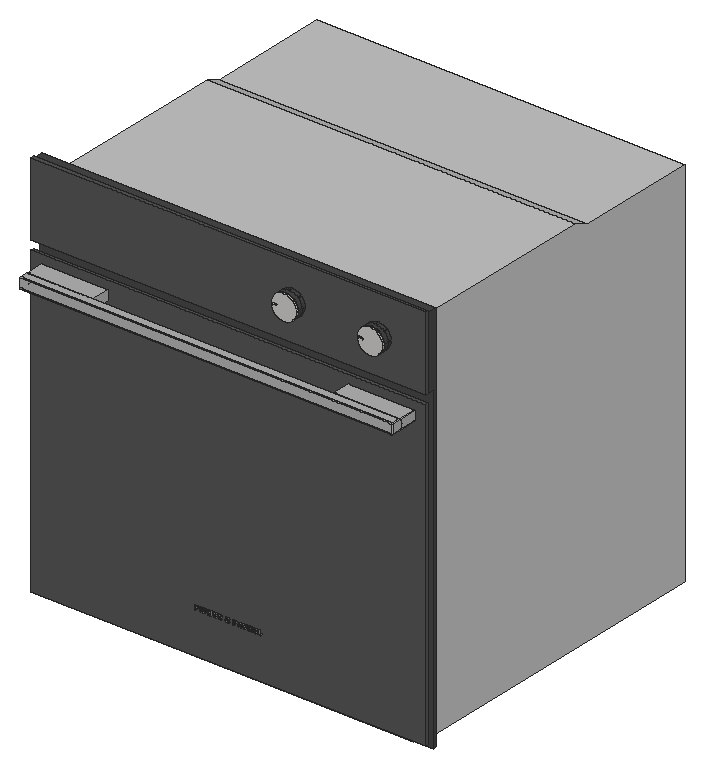
Revit family "FP_Revit_18_OB60SC5LB1_Oven_90001192A", category Specialty Equipment, Revit 2018
Family settings
  Round Connector Dimension = Use Diameter
  Part Type = Normal
  OmniClass Number = 23.40.40.14.17.11
  OmniClass Title = Cookers, Ovens, Stoves
  Work Plane-Based = No
  Always vertical = Yes
  Cut with Voids When Loaded = Yes
  Shared = No
  Room Calculation Point = No
Parameters (values of type "OB60SC5LB1")
  Visibility - Clearance Required = yes
  URL = "www.fisherpaykel.com"
  Product - Width = 596 mm  # constant formula
  Product - Height = 598 mm  # constant formula
  Product - Depth = 608 mm  # constant formula
  Model = "OB60SC5LB1"
  Material - Structure = Fisher & Paykel - Black
  Material - Handle = Fisher & Paykel - Aluminium
  Material - Glass = Fisher & Paykel - Glass, Black
  Material - Buttons and Dials = Fisher & Paykel - Stainless Steel
  Material - Body = Fisher & Paykel - Grey
  Manufacturer = "Fisher & Paykel Appliances"
  FFL Offset [instance] = 260 mm
  Description = "60cm Built-In Oven"
  Connector Description - Electrical = "230 V, 13.3 A"
  Chassis - Width = 556 mm  # constant formula
  Chassis - Height = 575 mm  # constant formula
  Chassis - Depth = 545 mm  # constant formula
  Cavity - Width = 600 mm  # constant formula
  Cavity - Height = 600 mm  # constant formula
  Cavity - Depth = 550 mm  # constant formula
Reference planes
  plane 1 "Datum": y = 0
  plane 2: z = 0
  plane 3 "Center (Left/Right)": x = 0
  plane 4 "Product Height": z = 858
  plane 5 "Product LHS": x = -298
  plane 6 "Product RHS": x = 298
  plane 7 "Cavity LHS": x = -300
  plane 8 "Cavity RHS": x = 300
  plane 9 "Cavity - Depth": y = 550
  plane 10 "Product Depth": y = 545
  plane 11 "Door - Front": y = -20
  plane 12 "Product - Front": y = -63
  plane 13 "FFL Offset": z = 260
  plane 14 "Cavity - Height": z = 860
  plane 15 "Cavity": z = 840
Forms (mm)
  Extrusion 1, solid, material "Fisher & Paykel - Grey" <- "Material - Body"
    sketch origin (0, 0, 0) x (0, 1, 0) y (0, 0, 1)
      loop
        line (0, 260) -> (525, 260) -> (525, 458) -> (545, 478) -> (545, 672) -> (495, 722) -> (495, 824.6) -> (311.747, 824.6) -> (289.247, 835) -> (0, 835) -> (0, 260)
    from -278 to 278
  Extrusion 2, void
    sketch origin (0, 0, 0) x (1, 0, 0) y (0, 1, 0)
      loop
        line (-278, 495) -> (-235, 495) -> (-185, 545) -> (-278, 545) -> (-278, 495)
      loop
        line (278, 495) -> (278, 545) -> (62.65, 545) -> (82.65, 525) -> (205, 525) -> (235, 495) -> (278, 495)
    from 260 to 835
  Extrusion 3, solid, material "Fisher & Paykel - Black" <- "Material - Structure"
    sketch origin (0, 0, 0) x (0, 1, 0) y (0, 0, 1)
      loop
        line (-16, 855) -> (-16, 746) -> (-4.1, 746) -> (-4.1, 260) -> (0, 260) -> (0, 855) -> (-16, 855)
    from -298 to 298
  Extrusion 4, solid, material "Fisher & Paykel - Black" <- "Material - Structure"
    sketch origin (0, 0, 0) x (0, 1, 0) y (0, 0, 1)
      loop
        line (-16, 722.6) -> (-16, 267) -> (-4.1, 267) -> (-4.1, 722.6) -> (-16, 722.6)
    from -277 to 277
  Extrusion 5, solid, material "Fisher & Paykel - Clearance Required", visible <- "Visibility - Clearance Required", detail levels coarse
    sketch origin (0, 0, 0) x (0, 1, 0) y (0, 0, 1)
      loop
        line (-20, 287.356) -> (-20, 260) -> (0, 260) -> (0, 860) -> (-20, 860) -> (-20, 732.8)
        arc (-20, 732.8) -> (-324.134, 611.374) -> (-467.592, 316.991) r 454.272
        line (-467.592, 316.991) -> (-454.903, 316.151) -> (-457.629, 274.989) -> (-445.183, 274.164) -> (-442.458, 315.327) -> (-20, 287.356)
    from -300 to 300
  Extrusion 6, solid, material "Fisher & Paykel - Clearance Required", visible <- "Visibility - Clearance Required", detail levels coarse
    sketch origin (0, 0, 0) x (1, 0, 0) y (0, 1, 0)
      loop
        line (-280, 0) -> (280, 0) -> (280, 550) -> (-280, 550) -> (-280, 0)
    from 260 to 840
  Extrusion 7, solid, material "Fisher & Paykel - Glass, Black" <- "Material - Glass"
    sketch origin (0, 0, 0) x (0, 1, 0) y (0, 0, 1)
      loop
        line (-16, 858) -> (-20, 858) -> (-20, 746) -> (-16, 746) -> (-16, 858)
      loop
        line (-20, 732.8) -> (-20, 269.8) -> (-16, 269.8) -> (-16, 732.8) -> (-20, 732.8)
    from -298 to 298
  Extrusion 8, solid, material "Fisher & Paykel - Grey" <- "Material - Body", detail levels medium+fine
    sketch origin (0, -20, 0) x (0, 0, 1) y (1, 0, 0)
      loop
        line (795.1, -225.85) -> (795.1, -133.15) -> (737.1, -133.15) -> (737.1, -225.85) -> (795.1, -225.85)
    from 515 to 535
  Extrusion 9, solid, material "Fisher & Paykel - Grey" <- "Material - Body", detail levels fine
    sketch origin (0, 0, 0) x (0, 1, 0) y (0, 0, 1)
      loop
        circle (505, 766.1) r 4
    from -225.85 to -245
  Extrusion 10, void
    sketch origin (0, 0, 0) x (0, 1, 0) y (0, 0, 1)
      loop
        line (-20, 860) -> (-20, 260) -> (0, 260) -> (0, 860) -> (-20, 860)
    from -300 to 300
  Extrusion 11, void
    sketch origin (0, 0, 0) x (1, 0, 0) y (0, 1, 0)
      loop
        line (-280, 0) -> (280, 0) -> (280, 550) -> (-280, 550) -> (-280, 0)
    from 260 to 840
Cuts and joins
  Extrusion 2 cuts Extrusion 1
Lines and regions (mm)
  model lines, style "Fisher & Paykel"
    curve 1: line (-268, -20, 790) -> (-218, -20, 790)
    curve 2: line (-268, -20, 811) -> (-268, -20, 790)
    curve 3: line (-218, -20, 811) -> (-268, -20, 811)
    curve 4: line (-218, -20, 790) -> (-218, -20, 811)
    curve 5: line (217.5, -20, 394.2) -> (-217.5, -20, 394.2)
    curve 6: line (217.5, -20, 677.436) -> (217.5, -20, 394.2)
    curve 7: line (-217.5, -20, 677.436) -> (217.5, -20, 677.436)
    curve 8: line (-217.5, -20, 394.2) -> (-217.5, -20, 677.436)
Text (mm)
  text "Due to ongoing product development, product details are subject to change without notice. \nPlease always refer to www.fisherpaykel.com for the most current product information. \n© Fisher & Paykel 2020" at (41.04, -568.295, 0), in view "Ref. Level (Plan)"
Dimensions and locks
  equal spacing: plane 5 "Product LHS", plane 3 "Center (Left/Right)", plane 6 "Product RHS"
  "Product - Width": plane 5 "Product LHS" to plane 6 "Product RHS"
  equal spacing: plane 7 "Cavity LHS", plane 3 "Center (Left/Right)", plane 8 "Cavity RHS"
  "Cavity - Width": plane 7 "Cavity LHS" to plane 8 "Cavity RHS"
  "Cavity - Depth": plane 9 "Cavity - Depth" to plane 1 "Datum"
  "Chassis - Depth": plane 10 "Product Depth" to plane 1 "Datum"
  locked: plane 11 "Door - Front" to plane 1 "Datum" at 20
  "Chassis - Width": cut or joined group of Extrusion 1, Extrusion 2 to cut or joined group of Extrusion 1, Extrusion 2
  "Product - Depth": plane 10 "Product Depth" to plane 12 "Product - Front"
  cut or joined group of Extrusion 1, Extrusion 2 to Extrusion 8 = 20 mm
  "FFL Offset": plane 13 "FFL Offset" to level
  "Chassis - Height": cut or joined group of Extrusion 1, Extrusion 2 to plane 13 "FFL Offset"
  "Product - Height": plane 4 "Product Height" to plane 13 "FFL Offset"
  "Cavity - Height": plane 14 "Cavity - Height" to plane 13 "FFL Offset"
  locked: plane 15 "Cavity" to plane 13 "FFL Offset" at 580
  locked: Extrusion 4 to plane 13 "FFL Offset" at 7
  locked: Extrusion 7 to plane 13 "FFL Offset" at 9.8
  locked: plane 4 "Product Height" to nested 2 at 137.9
  locked: curve 5 to plane 13 "FFL Offset" at 134.2
  locked: plane 4 "Product Height" to nested 4 at 57.5
  locked: plane 4 "Product Height" to nested 3 at 57.5
  locked: curve 7 to plane 13 "FFL Offset" at 417.436
  locked: curve 1 to plane 13 "FFL Offset" at 530
  locked: curve 3 to plane 13 "FFL Offset" at 551
  locked: nested 1 to plane 13 "FFL Offset" at 73.213
  aligned and locked: level to plane 2
  aligned and locked: plane 7 "Cavity LHS" to Extrusion 5
  aligned and locked: Extrusion 5 to plane 8 "Cavity RHS"
  aligned and locked: Extrusion 7 to plane 6 "Product RHS"
  aligned and locked: plane 5 "Product LHS" to Extrusion 7
  aligned and locked: Extrusion 8 to cut or joined group of Extrusion 1, Extrusion 2
  aligned and locked: Extrusion 10 to plane 8 "Cavity RHS"
  aligned and locked: plane 7 "Cavity LHS" to Extrusion 10
  aligned and locked: Extrusion 2 to plane 13 "FFL Offset"
  aligned and locked: Extrusion 2 to Extrusion 1
  aligned and locked: Extrusion 1 sketch curve to plane 13 "FFL Offset"
  aligned and locked: Extrusion 6 to cut or joined group of Extrusion 1, Extrusion 2
  aligned and locked: plane 15 "Cavity" to Extrusion 6
  aligned and locked: Extrusion 3 to cut or joined group of Extrusion 1, Extrusion 2
  aligned and locked: plane 13 "FFL Offset" to Extrusion 5 sketch curve
  aligned and locked: plane 14 "Cavity - Height" to Extrusion 5 sketch curve
  aligned and locked: Extrusion 11 to cut or joined group of Extrusion 1, Extrusion 2
  aligned and locked: Extrusion 11 to Extrusion 6
  aligned and locked: Extrusion 10 to cut or joined group of Extrusion 1, Extrusion 2
  aligned and locked: Extrusion 10 to Extrusion 5
Automatic sketch dimensions
  Extrusion 2 sketch curve to plane 10 "Product Depth" = 0 mm  (x2)
  Extrusion 2 sketch curve to plane 5 "Product LHS" = 20 mm
  Extrusion 2 sketch curve to Extrusion 2 sketch curve = 43 mm
  Extrusion 2 sketch curve to Extrusion 2 sketch curve = 50 mm
  plane 3 "Center (Left/Right)" to Extrusion 2 sketch curve = 62.65 mm
  Extrusion 2 sketch curve to Extrusion 2 sketch curve = 20 mm
  Extrusion 2 sketch curve to plane 10 "Product Depth" = 20 mm
  plane 6 "Product RHS" to Extrusion 2 sketch curve = 93 mm
  Extrusion 2 sketch curve to Extrusion 2 sketch curve = 30 mm
  plane 6 "Product RHS" to Extrusion 2 sketch curve = 20 mm
  Extrusion 2 sketch curve to plane 10 "Product Depth" = 50 mm  (x2)
  level to Extrusion 3 sketch curve = 260 mm
  Extrusion 3 sketch curve to plane 1 "Datum" = 0 mm
  plane 1 "Datum" to Extrusion 3 sketch curve = 4.1 mm
  plane 11 "Door - Front" to Extrusion 3 sketch curve = 4 mm
  Extrusion 3 sketch curve to plane 4 "Product Height" = 3 mm
  plane 11 "Door - Front" to Extrusion 4 sketch curve = 4 mm
  plane 1 "Datum" to Extrusion 4 sketch curve = 4.1 mm
  level to Extrusion 4 sketch curve = 267 mm
  Extrusion 6 sketch curve to plane 9 "Cavity - Depth" = 0 mm
  plane 1 "Datum" to Extrusion 6 sketch curve = 0 mm
  Extrusion 6 sketch curve to plane 5 "Product LHS" = 18 mm
  plane 6 "Product RHS" to Extrusion 6 sketch curve = 18 mm
  Extrusion 7 sketch curve to plane 11 "Door - Front" = 0 mm  (x2)
  plane 11 "Door - Front" to Extrusion 7 sketch curve = 4 mm  (x2)
  Extrusion 7 sketch curve to plane 4 "Product Height" = 0 mm
  Extrusion 7 sketch curve to Extrusion 7 sketch curve = 13.2 mm
  level to Extrusion 7 sketch curve = 269.8 mm
  Extrusion 8 sketch curve to plane 5 "Product LHS" = 72.15 mm
  Extrusion 8 sketch curve to Extrusion 8 sketch curve = 92.7 mm
  Extrusion 9 sketch curve to plane 10 "Product Depth" = 40 mm
  level to Extrusion 10 sketch curve = 260 mm
  Extrusion 10 sketch curve to plane 11 "Door - Front" = 0 mm
  Extrusion 10 sketch curve to plane 1 "Datum" = 0 mm
  Extrusion 11 sketch curve to plane 9 "Cavity - Depth" = 0 mm
  plane 1 "Datum" to Extrusion 11 sketch curve = 0 mm
  Extrusion 11 sketch curve to plane 5 "Product LHS" = 18 mm
  plane 6 "Product RHS" to Extrusion 11 sketch curve = 18 mm
  Extrusion 3 sketch curve to Extrusion 3 sketch curve = 109 mm
  Extrusion 4 sketch curve to plane 4 "Product Height" = 135.4 mm
  Extrusion 7 sketch curve to Extrusion 7 sketch curve = 125.2 mm
  Extrusion 8 sketch curve to plane 4 "Product Height" = 120.9 mm
  Extrusion 8 sketch curve to Extrusion 8 sketch curve = 58 mm
  Extrusion 9 sketch curve to plane 4 "Product Height" = 91.9 mm
  Extrusion 1 sketch curve to plane 1 "Datum" = 0 mm
  Extrusion 1 sketch curve to plane 10 "Product Depth" = 0 mm
  Extrusion 1 sketch curve to plane 4 "Product Height" = 23 mm
  Extrusion 1 sketch curve to plane 10 "Product Depth" = 255.753 mm
  Extrusion 1 sketch curve to Extrusion 1 sketch curve = 22.5 mm
  Extrusion 1 sketch curve to plane 10 "Product Depth" = 50 mm
  Extrusion 1 sketch curve to plane 10 "Product Depth" = 20 mm
  Extrusion 1 sketch curve to Extrusion 1 sketch curve = 198 mm
  Extrusion 1 sketch curve to Extrusion 1 sketch curve = 20 mm
  Extrusion 1 sketch curve to plane 4 "Product Height" = 186 mm
  Extrusion 1 sketch curve to Extrusion 1 sketch curve = 50 mm
  Extrusion 1 sketch curve to plane 4 "Product Height" = 33.4 mm
  plane 13 "FFL Offset" to Extrusion 10 sketch curve = 600 mm
  Extrusion 5 sketch curve to plane 11 "Door - Front" = 0 mm  (x2)
  Extrusion 5 sketch curve to plane 1 "Datum" = 0 mm
  plane 13 "FFL Offset" to Extrusion 5 sketch curve = 55.327 mm
  Extrusion 5 sketch curve to plane 12 "Product - Front" = 379.458 mm
  plane 13 "FFL Offset" to Extrusion 5 sketch curve = 14.164 mm
  Extrusion 5 sketch curve to Extrusion 5 sketch curve = 2.725 mm
  plane 13 "FFL Offset" to Extrusion 5 sketch curve = 56.151 mm
  Extrusion 5 sketch curve to Extrusion 5 sketch curve = 12.446 mm
  plane 13 "FFL Offset" to Extrusion 5 sketch curve = 56.991 mm
  plane 11 "Door - Front" to Extrusion 5 sketch curve = 5.051 mm
  Extrusion 5 sketch curve to Extrusion 5 sketch curve = 8.8 mm
  plane 6 "Product RHS" to curve 6 = 80.5 mm
  curve 5 to curve 6 = 283.236 mm
  curve 7 to plane 5 "Product LHS" = 80.5 mm
  curve 1 to plane 5 "Product LHS" = 80 mm
  curve 1 to plane 5 "Product LHS" = 30 mm
  radius of Extrusion 9 sketch curve = 4 mm
Nested families
  nested 1: "F&P Logo 100mm" at (0, -20, 333.213), type "Grey"
  nested 2: "F&P Handle Contemporary Square OB60-24" at (0, -20, 712.122), type "Aluminium"
  nested 3: "F&P Dial Oven SC" at (97.062, -20, 800.5), type "F&P Dial Oven SC"
  nested 4: "F&P Dial Oven SC" at (227.124, -20, 800.5), type "F&P Dial Oven SC"
Connectors
  electrical at (-245, 505, 766.1), driven by "Connector Description - Electrical"
    settings: on Extrusion 9, index 1, voltage 230 V, apparent load 0 VA, apparent load phase1 0 VA, apparent load phase2 0 VA, apparent load phase3 0 VA, power factor 1, load classification "Other", number of poles 1, system type 30, power factor state 1, is connector primary yes, connector utility no, sub classification motor no, connector description "230 V, 13.3 A"
Definition of nested family "F&P Logo 100mm"
  Parameters (values of type "Chrome")
    URL = "www.fisherpaykel.com"
    Material - Logo = none
    Manufacturer = "Fisher & Paykel Appliances"
  Types (3): name
    (no name)
    Chrome
    Grey
  Reference planes
    plane 1 "Center (Front/Back)": y = 0
    plane 2: z = 0
    plane 3 "Center (Left/Right)": x = 0
  Forms (mm)
    Extrusion 1, solid, material <- "Material - Logo", detail levels fine
      sketch origin (0, 0, 0) x (1, 0, 0) y (0, 0, 1)
        loop
          line (-50.044, 0) -> (-48.47, 0) -> (-48.47, 2.138) -> (-46.011, 2.138) -> (-46.011, 3.472) -> (-48.47, 3.472) -> (-48.47, 4.712) -> (-45.795, 4.712) -> (-45.795, 6.04) -> (-50.044, 6.04) -> (-50.044, 0)
        loop
          line (-42.804, 6.04) -> (-42.804, 0) -> (-41.23, 0) -> (-41.23, 6.04) -> (-42.804, 6.04)
        loop
          line (-30.724, 6.04) -> (-30.724, 0) -> (-29.151, 0) -> (-29.151, 2.42) -> (-26.839, 2.42) -> (-26.839, 0) -> (-25.265, 0) -> (-25.265, 6.04) -> (-26.839, 6.04) -> (-26.839, 3.748) -> (-29.151, 3.748) -> (-29.151, 6.04) -> (-30.724, 6.04)
        loop
          line (-21.906, 6.04) -> (-21.906, 0) -> (-17.602, 0) -> (-17.602, 1.328) -> (-20.347, 1.328) -> (-20.347, 2.42) -> (-17.838, 2.42) -> (-17.838, 3.748) -> (-20.347, 3.748) -> (-20.347, 4.712) -> (-17.602, 4.712) -> (-17.602, 6.04) -> (-21.906, 6.04)
        loop
          line (45.667, 6.04) -> (45.667, 0) -> (49.956, 0) -> (49.956, 1.328) -> (47.241, 1.328) -> (47.241, 6.04) -> (45.667, 6.04)
        loop
          line (42.431, 6.04) -> (38.112, 6.04) -> (38.112, 0) -> (42.431, 0) -> (42.431, 1.328) -> (39.687, 1.328) -> (39.687, 2.42) -> (42.195, 2.42) -> (42.195, 3.748) -> (39.687, 3.748) -> (39.687, 4.712) -> (42.431, 4.712) -> (42.431, 6.04)
        loop
          line (33.451, 3.148) -> (35.683, 6.04) -> (33.844, 6.04) -> (31.915, 3.542) -> (31.915, 6.04) -> (30.342, 6.04) -> (30.342, 0) -> (31.915, 0) -> (31.915, 2.705) -> (33.903, 0) -> (35.763, 0) -> (33.451, 3.148)
        loop
          line (21.98, 6.04) -> (24.262, 2.42) -> (24.262, 0) -> (25.837, 0) -> (25.837, 2.341) -> (28.119, 6.04) -> (26.446, 6.04) -> (25.099, 3.707) -> (23.753, 6.04) -> (21.98, 6.04)
        loop
          line (18.479, 6.04) -> (16.983, 6.04) -> (14.524, 0) -> (16.069, 0) -> (16.501, 1.112) -> (18.921, 1.112) -> (19.354, 0) -> (20.938, 0) -> (18.479, 6.04)
        loop
          line (18.4, 2.439) -> (17.693, 4.174) -> (17.018, 2.439) -> (18.4, 2.439)
        loop
          line (8.031, 6.04) -> (8.031, 0) -> (9.605, 0) -> (9.605, 1.938) -> (10.599, 1.938)
          arc (10.599, 1.938) -> (12.65, 3.989) -> (10.599, 6.04) r 2.051
          line (10.599, 6.04) -> (8.031, 6.04)
        loop
          line (9.605, 4.712) -> (9.605, 3.197) -> (10.501, 3.197)
          arc (10.501, 3.197) -> (11.259, 3.954) -> (10.501, 4.712) r 0.757
          line (10.501, 4.712) -> (9.605, 4.712)
        loop
          line (-11.783, 6.04) -> (-14.366, 6.04) -> (-14.366, 0) -> (-12.792, 0) -> (-12.792, 1.336) -> (-11.992, 1.336) -> (-10.972, 0) -> (-9.153, 0) -> (-10.694, 1.973)
          arc (-10.694, 1.973) -> (-9.678, 4.424) -> (-11.783, 6.04) r 2.179
        loop
          line (-11.897, 4.712) -> (-12.792, 4.712) -> (-12.792, 3.053) -> (-11.897, 3.053)
          arc (-11.897, 3.053) -> (-11.068, 3.882) -> (-11.897, 4.712) r 0.83
        loop
          line (0.477, 4.712) -> (0.477, 6.153) -> (-3.575, 6.153) -> (-3.575, 4.851) -> (-2.974, 4.112)
          arc (-2.974, 4.112) -> (-3.51, 0.684) -> (-0.045, 0.512) r 2.334
          line (-0.045, 0.512) -> (0.46, -0.109) -> (2.246, -0.109) -> (0.86, 1.594) -> (2.061, 3.324) -> (0.443, 3.324) -> (-0.013, 2.667) -> (-1.677, 4.712) -> (0.477, 4.712)
        loop
          arc (-2.125, 3.068) -> (-2.269, 1.668) -> (-0.868, 1.524) r 0.996
          line (-0.868, 1.524) -> (-2.125, 3.068)
        loop
          line (-35.18, 3.634) -> (-36.516, 3.91)
          arc (-36.516, 3.91) -> (-37.049, 4.443) -> (-36.516, 4.976) r 0.533
          arc (-36.516, 4.976) -> (-35.235, 4.79) -> (-34.059, 4.248) r 4.505
          line (-34.059, 4.248) -> (-34.059, 5.743)
          arc (-34.059, 5.743) -> (-35.549, 6.179) -> (-37.1, 6.109) r 4.726
          arc (-37.1, 6.109) -> (-38.536, 4.335) -> (-37.1, 2.561) r 1.814
          line (-37.1, 2.561) -> (-35.754, 2.282)
          arc (-35.754, 2.282) -> (-35.221, 1.749) -> (-35.754, 1.216) r 0.533
          arc (-35.754, 1.216) -> (-37.035, 1.402) -> (-38.211, 1.945) r 4.505
          line (-38.211, 1.945) -> (-38.211, 0.449)
          arc (-38.211, 0.449) -> (-36.72, 0.013) -> (-35.169, 0.083) r 4.726
          arc (-35.169, 0.083) -> (-33.734, 1.863) -> (-35.18, 3.634) r 1.814
      from 0 to 0.8
  Dimensions and locks
    aligned and locked: level to plane 2
Definition of nested family "F&P Handle Contemporary Square OB60-24"
  Parameters (values of type "Aluminium Dark")
    URL = "www.fisherpaykel.com"
    Material - Handle = none
    Manufacturer = "Fisher & Paykel Appliances"
    Handle - Length = 565 mm
  Types (2): name
    Aluminium
    Aluminium Dark
  Reference planes
    plane 1 "Center (Front/Back)": y = 0
    plane 2: z = 0
    plane 3 "Center (Left/Right)": x = 0
    plane 4 "Product LHS": x = -282.5
    plane 5 "Product RHS": x = 282.5
    plane 6 "LHS Standoff": x = -182.495
    plane 7 "RHS Standoff": x = 182.505
  Forms (mm)
    Extrusion 1, solid, material <- "Material - Handle", detail levels fine
      sketch origin (0, 0, 0) x (0, 1, 0) y (0, 0, 1)
        loop
          arc (-28.701, 7.561) -> (-29.057, 7.868) -> (-29.514, 7.978) r 1
          line (-29.514, 7.978) -> (-40.5, 7.978)
          arc (-40.5, 7.978) -> (-41.561, 7.539) -> (-42, 6.478) r 1.5
          line (-42, 6.478) -> (-42, -6.522)
          arc (-42, -6.522) -> (-41.561, -7.583) -> (-40.5, -8.022) r 1.5
          line (-40.5, -8.022) -> (-29.487, -8.022)
          arc (-29.487, -8.022) -> (-29.029, -7.911) -> (-28.673, -7.602) r 1
          arc (-28.673, -7.602) -> (-26.256, -0.016) -> (-28.701, 7.561) r 13.038
      from -282.5 to 282.5
    Extrusion 2, solid, material <- "Material - Handle", detail levels fine
      sketch origin (0, 0, 0) x (0, 1, 0) y (0, 0, 1)
        loop
          arc (-28.23, 7.062) -> (-26.156, 0.008) -> (-28.198, -7.056) r 13.136
          arc (-28.198, -7.056) -> (-28.21, -7.463) -> (-27.86, -7.67) r 0.4
          line (-27.86, -7.67) -> (0, -7.67) -> (0, 7.678) -> (-27.893, 7.678)
          arc (-27.893, 7.678) -> (-28.244, 7.47) -> (-28.23, 7.062) r 0.4
      from 182.505 to 282.5
    Extrusion 3, solid, material <- "Material - Handle", detail levels fine
      sketch origin (0, 0, 0) x (0, 1, 0) y (0, 0, -1)
        loop
          arc (-28.23, -7.062) -> (-28.244, -7.47) -> (-27.893, -7.678) r 0.4
          line (-27.893, -7.678) -> (0, -7.678) -> (0, 7.67) -> (-27.86, 7.67)
          arc (-27.86, 7.67) -> (-28.21, 7.463) -> (-28.198, 7.056) r 0.4
          arc (-28.198, 7.056) -> (-26.156, -0.008) -> (-28.23, -7.062) r 13.136
      from 182.495 to 282.5
    Sweep 4, void
      path in 3D
        loop
          line (282.5, -29.514, 7.978) -> (282.5, -40.5, 7.978)
          arc (282.5, -40.5, 7.978) -> (282.5, -41.561, 7.539) -> (282.5, -42, 6.478) r 1.5
          line (282.5, -42, 6.478) -> (282.5, -42, -6.522)
          arc (282.5, -42, -6.522) -> (282.5, -41.561, -7.583) -> (282.5, -40.5, -8.022) r 1.5
          line (282.5, -40.5, -8.022) -> (282.5, -29.487, -8.022)
      profile origin (282.5, -35.007, 7.978) x (1, 0, 0) y (0, 0, 1)
        loop
          line (0, 0) -> (-1.3, 0) -> (0, -1.3) -> (0, 0)
    Sweep 5, void
      path in 3D
        loop
          line (-282.5, -29.487, -8.022) -> (-282.5, -40.5, -8.022)
          arc (-282.5, -40.5, -8.022) -> (-282.5, -41.561, -7.583) -> (-282.5, -42, -6.522) r 1.5
          line (-282.5, -42, -6.522) -> (-282.5, -42, 6.478)
          arc (-282.5, -42, 6.478) -> (-282.5, -41.561, 7.539) -> (-282.5, -40.5, 7.978) r 1.5
          line (-282.5, -40.5, 7.978) -> (-282.5, -29.514, 7.978)
      profile origin (-282.5, -35.007, 7.978) x (-1, 0, 0) y (0, 0, 1)
        loop
          line (0, 0) -> (-1.3, 0) -> (0, -1.3) -> (0, 0)
    Extrusion 6, void
      sketch origin (0, 0, 0) x (1, 0, 0) y (0, 0, 1)
        loop
          line (282.5, 7.978) -> (281.2, 7.978) -> (282.5, 6.678) -> (282.5, 7.978)
        loop
          line (282.5, -8.022) -> (282.5, -6.722) -> (281.2, -8.022) -> (282.5, -8.022)
      from 0 to 40
    Extrusion 7, void
      sketch origin (0, 0, 0) x (1, 0, 0) y (0, 0, 1)
        loop
          line (-282.5, 7.978) -> (-282.5, 6.678) -> (-281.2, 7.978) -> (-282.5, 7.978)
        loop
          line (-282.5, -8.022) -> (-281.2, -8.022) -> (-282.5, -6.722) -> (-282.5, -8.022)
      from 0 to 40
    Extrusion 8, solid, material <- "Material - Handle", detail levels coarse+medium
      sketch origin (0, 0, 0) x (1, 0, 0) y (0, 1, 0)
        loop
          line (-282.5, -42) -> (282.5, -42) -> (282.5, 0) -> (182.505, 0) -> (182.505, -26.156) -> (-182.495, -26.156) -> (-182.495, 0) -> (-282.5, 0) -> (-282.5, -42)
      from -8.022 to 7.978
  Cuts and joins
    Sweep 4, Sweep 5, Extrusion 6, Extrusion 7 cuts Extrusion 1
    Extrusion 6 cuts Extrusion 2
    Extrusion 7 cuts Extrusion 3
  Lines and regions (mm)
    sketch lines
      curve 1: line (282.5, -29.514, 7.978) -> (282.5, -40.5, 7.978)
      curve 2: arc (282.5, -42, 6.478) -> (282.5, -41.561, 7.539) -> (282.5, -40.5, 7.978) r 1.5
      curve 3: line (282.5, -42, 6.478) -> (282.5, -42, -6.522)
      curve 4: arc (282.5, -40.5, -8.022) -> (282.5, -41.561, -7.583) -> (282.5, -42, -6.522) r 1.5
      curve 5: line (282.5, -40.5, -8.022) -> (282.5, -29.487, -8.022)
      curve 6: line (-282.5, -40.5, 7.978) -> (-282.5, -29.514, 7.978)
      curve 7: arc (-282.5, -40.5, 7.978) -> (-282.5, -41.561, 7.539) -> (-282.5, -42, 6.478) r 1.5
      curve 8: line (-282.5, -42, -6.522) -> (-282.5, -42, 6.478)
      curve 9: arc (-282.5, -42, -6.522) -> (-282.5, -41.561, -7.583) -> (-282.5, -40.5, -8.022) r 1.5
      curve 10: line (-282.5, -29.487, -8.022) -> (-282.5, -40.5, -8.022)
  Dimensions and locks
    equal spacing: plane 4 "Product LHS", plane 3 "Center (Left/Right)", plane 5 "Product RHS"
    "Handle - Length": plane 4 "Product LHS" to plane 5 "Product RHS"
    locked: plane 4 "Product LHS" to plane 6 "LHS Standoff" at 100.005
    locked: plane 7 "RHS Standoff" to plane 5 "Product RHS" at 99.995
    aligned and locked: level to plane 2
    aligned and locked: Extrusion 1 to plane 5 "Product RHS"
    aligned and locked: plane 4 "Product LHS" to Extrusion 1
    aligned and locked: Extrusion 2 to plane 5 "Product RHS"
    aligned and locked: plane 4 "Product LHS" to Extrusion 3
    aligned and locked: plane 4 "Product LHS" to Extrusion 8 sketch curve
    aligned and locked: Extrusion 8 sketch curve to plane 5 "Product RHS"
    aligned and locked: Extrusion 8 sketch curve to plane 7 "RHS Standoff"
    aligned and locked: plane 6 "LHS Standoff" to Extrusion 8 sketch curve
    aligned and locked: Extrusion 2 to plane 7 "RHS Standoff"
    aligned and locked: plane 6 "LHS Standoff" to Extrusion 3
  Automatic sketch dimensions
    Extrusion 1 sketch curve to level = 6.522 mm
    plane 1 "Center (Front/Back)" to Extrusion 1 sketch curve = 42 mm
    Extrusion 1 sketch curve to Extrusion 1 sketch curve = 1.5 mm  (x2)
    Extrusion 1 sketch curve to level = 0.04 mm
    Extrusion 1 sketch curve to Extrusion 1 sketch curve = 1.206 mm
    level to Extrusion 1 sketch curve = 6.978 mm
    Extrusion 1 sketch curve to Extrusion 1 sketch curve = 10.986 mm
    Extrusion 1 sketch curve to Extrusion 1 sketch curve = 11.013 mm
    Extrusion 1 sketch curve to Extrusion 1 sketch curve = 1 mm
    level to Extrusion 1 sketch curve = 6.478 mm
    Extrusion 1 sketch curve to Extrusion 1 sketch curve = 0 mm
    Extrusion 2 sketch curve to plane 1 "Center (Front/Back)" = 0 mm
    Extrusion 2 sketch curve to level = 7.67 mm
    Extrusion 2 sketch curve to Extrusion 2 sketch curve = 27.86 mm
    level to Extrusion 2 sketch curve = 7.678 mm
    Extrusion 2 sketch curve to Extrusion 2 sketch curve = 0.033 mm
    Extrusion 2 sketch curve to level = 0.022 mm
    Extrusion 2 sketch curve to Extrusion 2 sketch curve = 11.398 mm
    Extrusion 2 sketch curve to Extrusion 2 sketch curve = 0.4 mm  (x2)
    Extrusion 2 sketch curve to Extrusion 2 sketch curve = 0 mm
    Extrusion 3 sketch curve to plane 1 "Center (Front/Back)" = 0 mm
    Extrusion 3 sketch curve to level = 7.67 mm
    Extrusion 3 sketch curve to Extrusion 3 sketch curve = 27.86 mm
    level to Extrusion 3 sketch curve = 7.678 mm
    Extrusion 3 sketch curve to Extrusion 3 sketch curve = 0.033 mm
    Extrusion 3 sketch curve to level = 0.022 mm
    Extrusion 3 sketch curve to Extrusion 3 sketch curve = 11.398 mm
    Extrusion 3 sketch curve to Extrusion 3 sketch curve = 0.4 mm  (x2)
    Extrusion 3 sketch curve to Extrusion 3 sketch curve = 0 mm
    profile plane to Sweep 4 sketch curve = 0 mm
    Sweep 4 sketch curve to profile plane = 0 mm
    Sweep 4 sketch curve to profile plane = 1.3 mm
    profile plane to Sweep 4 sketch curve = 1.3 mm
    Sweep 5 sketch curve to profile plane = 0 mm  (x2)
    profile plane to Sweep 5 sketch curve = 1.3 mm
    Sweep 5 sketch curve to profile plane = 1.3 mm
    plane 5 "Product RHS" to Extrusion 6 sketch curve = 0 mm  (x2)
    Extrusion 6 sketch curve to Extrusion 6 sketch curve = 1.3 mm  (x4)
    Extrusion 6 sketch curve to level = 6.722 mm
    level to Extrusion 6 sketch curve = 6.678 mm
    plane 4 "Product LHS" to Extrusion 7 sketch curve = 0 mm  (x2)
    Extrusion 7 sketch curve to plane 4 "Product LHS" = 1.3 mm  (x2)
    Extrusion 7 sketch curve to level = 8.022 mm
    level to Extrusion 7 sketch curve = 6.678 mm
    Extrusion 7 sketch curve to Extrusion 7 sketch curve = 1.3 mm  (x2)
    plane 1 "Center (Front/Back)" to Extrusion 8 sketch curve = 0 mm  (x2)
    Extrusion 8 sketch curve to Extrusion 8 sketch curve = 26.156 mm
    Extrusion 8 sketch curve to Extrusion 8 sketch curve = 42 mm
Definition of nested family "F&P Dial Oven SC"
  Parameters (values of type "F&P Dial Oven SC")
    URL = "www.fisherpaykel.com"
    Material - Buttons and Dials = none
    Manufacturer = "Fisher & Paykel Appliances"
  Reference planes
    plane 1 "Center (Front/Back)": y = 0
    plane 2: z = 0
    plane 3 "Center (Left/Right)": x = 0
  Forms (mm)
    Extrusion 1, solid, material <- "Material - Buttons and Dials", detail levels medium+fine
      sketch origin (0, 0, 0) x (1, 0, 0) y (0, 0, 1)
        loop
          circle (0, 0) r 19
        loop
          arc (-16.072, 1.5) -> (-17.572, 0) -> (-16.072, -1.5) r 1.5
          line (-16.072, -1.5) -> (-10.762, -1.5)
          arc (-10.762, -1.5) -> (-9.262, 0) -> (-10.762, 1.5) r 1.5
          line (-10.762, 1.5) -> (-16.072, 1.5)
      from 14 to 16
    Extrusion 2, solid, detail levels fine
      sketch origin (0, 0, 0) x (1, 0, 0) y (0, 0, 1)
        loop
          arc (-1.003, 18.973) -> (-7.274, 17.553) -> (-12.711, 14.122) r 19
          line (-12.711, 14.122) -> (-11.276, 12.687) -> (-12.691, 11.273) -> (-14.125, 12.708)
          arc (-14.125, 12.708) -> (-17.554, 7.27) -> (-18.974, 1) r 19
          line (-18.974, 1) -> (-16.946, 1) -> (-16.946, -1) -> (-18.974, -1)
          arc (-18.974, -1) -> (-17.554, -7.27) -> (-14.125, -12.708) r 19
          line (-14.125, -12.708) -> (-12.691, -11.273) -> (-11.276, -12.687) -> (-12.711, -14.122)
          arc (-12.711, -14.122) -> (-7.274, -17.553) -> (-1.003, -18.973) r 19
          line (-1.003, -18.973) -> (-1.003, -16.943) -> (0.997, -16.943) -> (0.997, -18.974)
          arc (0.997, -18.974) -> (7.268, -17.555) -> (12.708, -14.125) r 19
          line (12.708, -14.125) -> (11.27, -12.687) -> (12.684, -11.273) -> (14.122, -12.711)
          arc (14.122, -12.711) -> (17.553, -7.272) -> (18.974, -1) r 19
          line (18.974, -1) -> (16.939, -1) -> (16.939, 1) -> (18.974, 1)
          arc (18.974, 1) -> (17.553, 7.272) -> (14.122, 12.711) r 19
          line (14.122, 12.711) -> (12.684, 11.273) -> (11.246, 12.711) -> (12.683, 14.147)
          arc (12.683, 14.147) -> (7.253, 17.561) -> (0.997, 18.974) r 19
          line (0.997, 18.974) -> (0.997, 16.943) -> (-1.003, 16.943) -> (-1.003, 18.973)
      from 0 to 6
    Extrusion 3, solid, detail levels fine
      sketch origin (0, 0, 0) x (1, 0, 0) y (0, 0, 1)
        loop
          circle (0, 0) r 19
      from 6 to 13
    Extrusion 4, solid, detail levels fine
      sketch origin (0, 0, 0) x (1, 0, 0) y (0, 0, 1)
        loop
          circle (0, 0) r 18
      from 13 to 14
    Extrusion 5, solid, detail levels coarse+medium
      sketch origin (0, 0, 0) x (1, 0, 0) y (0, 0, 1)
        loop
          circle (0, 0) r 19
      from 0 to 14
  Cuts and joins
    joined: Extrusion 2, Extrusion 3
  Dimensions and locks
    aligned and locked: level to plane 2
